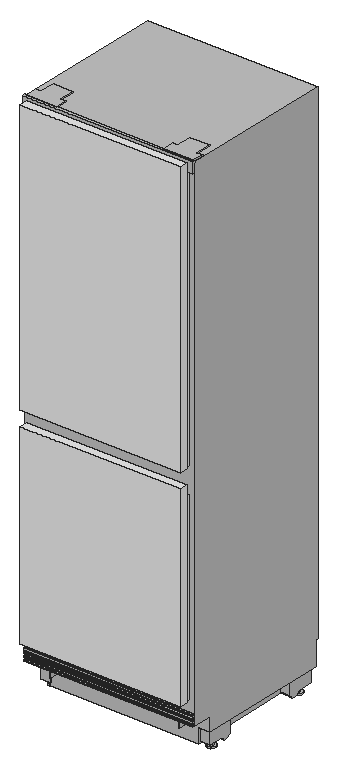
Revit family "FP-Revit18-en-RS6019BRU1-FridgeFreezer-0-AA-BI-HK-SG-CN-EU-90002452A", category Specialty Equipment, Revit 2018 (continued)
Definition of nested family "F&P Handle Kit - Classic Round RS60B"
  Forms (mm)
    Extrusion 10, solid, material <- "Material - Handle", detail levels coarse+medium
      from -577.5 to -533.5
    Extrusion 11, solid, material <- "Material - Handle", detail levels fine
      sketch origin (0, 0, 0) x (1, 0, 0) y (0, 1, 0)
        loop
          line (-10.498, 0) -> (-10.498, -44.923)
          arc (-10.498, -44.923) -> (0, -55.422) -> (10.498, -44.923) r 10.498
          line (10.498, -44.923) -> (10.498, 0) -> (-10.498, 0)
      from -175.83 to -131.83
    Sweep 12, void
      path in 3D
        loop
          line (-10.498, 0, -131.83) -> (-10.498, -44.923, -131.83)
          arc (-10.498, -44.923, -131.83) -> (0, -55.422, -131.83) -> (10.498, -44.923, -131.83) r 10.498
          line (10.498, -44.923, -131.83) -> (10.498, 0, -131.83)
      profile origin (10.498, -22.462, -131.83) x (-1, 0, 0) y (0, 0, 1)
        loop
          line (0, 0) -> (0, -1.5) -> (1.5, 0) -> (0, 0)
    Extrusion 13, solid, material <- "Material - Handle", detail levels coarse+medium
      sketch origin (0, 0, 0) x (1, 0, 0) y (0, 1, 0)
        loop
          line (-10.498, 0) -> (-10.498, -44.923)
          arc (-10.498, -44.923) -> (0, -55.422) -> (10.498, -44.923) r 10.498
          line (10.498, -44.923) -> (10.498, 0) -> (-10.498, 0)
      from -175.83 to -131.83
    Extrusion 14, solid, material <- "Material - Handle"
      sketch origin (0, 0, 0) x (1, 0, 0) y (0, 1, 0)
        loop
          circle (0, -44.923) r 10
      from -331 to -175.83
  Cuts and joins
    Sweep 4, Sweep 12 cuts Extrusion 2
    Sweep 5, Sweep 9 cuts Extrusion 3
    Sweep 9 cuts Extrusion 7
    Sweep 9 cuts Extrusion 8
    Sweep 12 cuts Extrusion 6
    Sweep 12 cuts Extrusion 11
  Lines and regions (mm)
    sketch lines
      curve 1: line (10.498, -44.923, 411) -> (10.498, 0, 411)
      curve 2: arc (10.498, -44.923, 411) -> (0, -55.422, 411) -> (-10.498, -44.923, 411) r 10.498
      curve 3: line (-10.498, 0, 411) -> (-10.498, -44.923, 411)
      curve 4: line (10.498, 0, -411) -> (10.498, -44.923, -411)
      curve 5: arc (-10.498, -44.923, -411) -> (0, -55.422, -411) -> (10.498, -44.923, -411) r 10.498
      curve 6: line (-10.498, -44.923, -411) -> (-10.498, 0, -411)
      curve 7: line (10.498, 0, -97.5) -> (10.498, -44.923, -97.5)
      curve 8: arc (-10.498, -44.923, -97.5) -> (0, -55.422, -97.5) -> (10.498, -44.923, -97.5) r 10.498
      curve 9: line (-10.498, -44.923, -97.5) -> (-10.498, 0, -97.5)
      curve 10: line (10.498, -44.923, -131.83) -> (10.498, 0, -131.83)
      curve 11: arc (10.498, -44.923, -131.83) -> (0, -55.422, -131.83) -> (-10.498, -44.923, -131.83) r 10.498
      curve 12: line (-10.498, 0, -131.83) -> (-10.498, -44.923, -131.83)
  Dimensions and locks
    equal spacing: plane 4 "Top", level, plane 5 "Bottom"
    "Handle - Length": plane 4 "Top" to plane 5 "Bottom"
    "Handle Standoff - Length": plane 4 "Top" to plane 6 "Top Standoff"
    "Handle Standoff - Length": plane 7 "Bottom Standoff" to plane 5 "Bottom"
    locked: level to Extrusion 10 at 53.5
    locked: level to Extrusion 10 at 97.5
    locked: level to Extrusion 13 at 131.83
    locked: level to Extrusion 13 at 175.83
    aligned and locked: level to plane 2
    aligned and locked: plane 4 "Top" to Extrusion 2
    aligned and locked: Extrusion 3 to plane 5 "Bottom"
    aligned and locked: plane 7 "Bottom Standoff" to Extrusion 3
    aligned and locked: plane 6 "Top Standoff" to Extrusion 1
    aligned and locked: Extrusion 2 to Extrusion 1
    aligned and locked: plane 4 "Top" to Extrusion 6
    aligned and locked: Extrusion 6 to plane 6 "Top Standoff"
    aligned and locked: Extrusion 7 to plane 5 "Bottom"
    aligned and locked: plane 7 "Bottom Standoff" to Extrusion 7
    aligned and locked: Extrusion 14 to Extrusion 13
    aligned and locked: Extrusion 1 to Extrusion 10
    aligned and locked: cut or joined group of Extrusion 6, Sweep 12 to plane 6 "Top Standoff"
    aligned and locked: Extrusion 14 to plane 7 "Bottom Standoff"
    aligned and locked: cut or joined group of Extrusion 8, Sweep 9 to Extrusion 10
    aligned and locked: Extrusion 10 to cut or joined group of Extrusion 8, Sweep 9
    aligned and locked: cut or joined group of Extrusion 11, Sweep 12 to Extrusion 13  (x2)
  Automatic sketch dimensions
    Extrusion 1 sketch curve to plane 3 "Center (Left/Right)" = 0 mm
    plane 1 "Center (Front/Back)" to Extrusion 1 sketch curve = 44.923 mm
    plane 1 "Center (Front/Back)" to Extrusion 2 sketch curve = 0 mm
    Extrusion 2 sketch curve to plane 3 "Center (Left/Right)" = 0 mm
    Extrusion 2 sketch curve to plane 3 "Center (Left/Right)" = 10.498 mm
    plane 1 "Center (Front/Back)" to Extrusion 2 sketch curve = 44.923 mm
    plane 1 "Center (Front/Back)" to Extrusion 3 sketch curve = 0 mm
    Extrusion 3 sketch curve to plane 3 "Center (Left/Right)" = 0 mm
    Extrusion 3 sketch curve to plane 3 "Center (Left/Right)" = 10.498 mm
    Extrusion 3 sketch curve to Extrusion 3 sketch curve = 44.923 mm
    Sweep 4 sketch curve to profile plane = 0 mm  (x2)
    Sweep 4 sketch curve to profile plane = 1.5 mm
    Sweep 4 sketch curve to Sweep 4 sketch curve = 1.5 mm
    Sweep 5 sketch curve to profile plane = 0 mm  (x2)
    Sweep 5 sketch curve to profile plane = 1.5 mm  (x2)
    plane 1 "Center (Front/Back)" to Extrusion 6 sketch curve = 0 mm
    Extrusion 6 sketch curve to plane 3 "Center (Left/Right)" = 0 mm
    Extrusion 6 sketch curve to plane 3 "Center (Left/Right)" = 10.498 mm
    plane 1 "Center (Front/Back)" to Extrusion 6 sketch curve = 44.923 mm
    plane 1 "Center (Front/Back)" to Extrusion 7 sketch curve = 0 mm
    Extrusion 7 sketch curve to plane 3 "Center (Left/Right)" = 0 mm
    Extrusion 7 sketch curve to plane 3 "Center (Left/Right)" = 10.498 mm
    Extrusion 7 sketch curve to Extrusion 7 sketch curve = 44.923 mm
    plane 1 "Center (Front/Back)" to Extrusion 8 sketch curve = 0 mm
    Extrusion 8 sketch curve to plane 3 "Center (Left/Right)" = 0 mm
    Extrusion 8 sketch curve to plane 3 "Center (Left/Right)" = 10.498 mm
    Extrusion 8 sketch curve to Extrusion 8 sketch curve = 44.923 mm
    Sweep 9 sketch curve to profile plane = 0 mm  (x2)
    Sweep 9 sketch curve to profile plane = 1.5 mm  (x2)
    plane 1 "Center (Front/Back)" to Extrusion 10 sketch curve = 0 mm
    Extrusion 10 sketch curve to plane 3 "Center (Left/Right)" = 0 mm
    Extrusion 10 sketch curve to plane 3 "Center (Left/Right)" = 10.498 mm
    Extrusion 10 sketch curve to Extrusion 10 sketch curve = 44.923 mm
    plane 1 "Center (Front/Back)" to Extrusion 11 sketch curve = 0 mm
    Extrusion 11 sketch curve to plane 3 "Center (Left/Right)" = 0 mm
    Extrusion 11 sketch curve to plane 3 "Center (Left/Right)" = 10.498 mm
    plane 1 "Center (Front/Back)" to Extrusion 11 sketch curve = 44.923 mm
    Sweep 12 sketch curve to profile plane = 0 mm  (x2)
    Sweep 12 sketch curve to profile plane = 1.5 mm
    Sweep 12 sketch curve to Sweep 12 sketch curve = 1.5 mm
    plane 1 "Center (Front/Back)" to Extrusion 13 sketch curve = 0 mm
    Extrusion 13 sketch curve to plane 3 "Center (Left/Right)" = 0 mm
    Extrusion 13 sketch curve to plane 3 "Center (Left/Right)" = 10.498 mm
    plane 1 "Center (Front/Back)" to Extrusion 13 sketch curve = 44.923 mm
    Extrusion 14 sketch curve to plane 3 "Center (Left/Right)" = 0 mm
    plane 1 "Center (Front/Back)" to Extrusion 14 sketch curve = 44.923 mm
    radius of Extrusion 1 sketch curve = 10 mm
    radius of Extrusion 14 sketch curve = 10 mm
